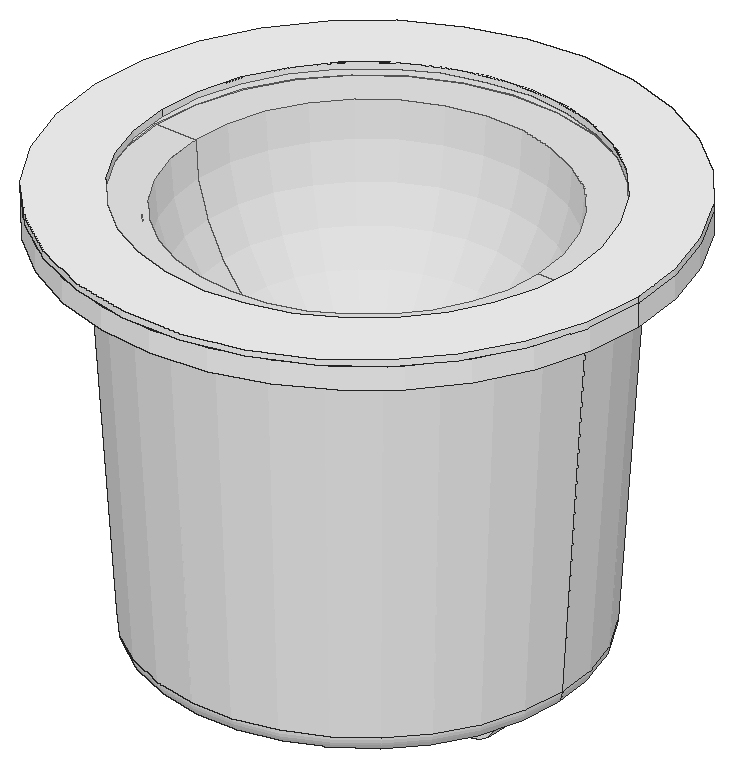
Revit family "2059247", category Lighting Fixtures, host Face, Revit 2018
Family settings
  Host = Face
  Round Connector Dimension = Use Diameter
  Part Type = Normal
  OmniClass Number = 23.80.70.11.17
  OmniClass Title = Specialized Lighting by Location or Use
  Cut with Voids When Loaded = No
  Light Source = Yes
  Shared = No
  Room Calculation Point = No
Parameters (values of type "2059247 MYRIAD DECO IP65 SP 4K PHD EM SI WBEZ")
  Weight = "n/a"
  Wattage = 15 W
  WarrantyStartDate [instance] = "n/a"
  WarrantyGuarantorParts = "n/a"
  WarrantyDurationUnit = "n/a"
  WarrantyDurationParts = ""
  WarrantyDescription = "http://www.sylvania-lighting.com"
  built-in parameter 1150110 = 1 (stored number, unit not read)
  Voltage = 230 V
  URL = "0"
  TypeName = "MYRIAD DECO IP65 SPOT 4000K PHDM EM SILVER WBEZ"
  Type Image = 0
  Type Comments = ""
  built-in parameter 1114217 = 1 (stored number, unit not read)
  Tilt Angle = -90°
  built-in parameter 1150109 = 1 (stored number, unit not read)
  built-in parameter 1150134 = (empty or 0)
  built-in parameter 1150113 = 1 (stored number, unit not read)
  SerialNumber [instance] = "n/a"
  Reflector Radius = Cutout Diameter / 2 - 2.5 mm  # 35.0 mm
  Reflector Material = Aluminum_Sylvania_Myriad_Bright
  Recessed Depth = Height  # 72.0 mm
  PowerFactor = 0
  PowerConsumption = "Lighting"
  Photometric Web File = "2059247.ies"
  NominalWidth = 0.0 mm
  NominalLength = 76.0 mm
  NominalHeight = 72.0 mm
  Name = "MYRIAD DECO IP65 SPOT 4000K PHDM EM SILVER WBEZ"
  ModelReference = "MYRIAD DECO IP65 SPOT 4000K PHDM EM SILVER WBEZ"
  ModelNumber = "2059247"
  Material = "Feilo Sylvania"
  ManufacturerName = "94 lm/W"
  LuminousEfficacy = ""
  LuminaireType = "0"
  LightOutputRatio = "LED"
  LampsType = Lamp  # "n/a"
  LampNominalLuminous = "4000 K"
  LampMacAdamStep = "90"
  LampColourTemperature = "LED"
  LampColourRenderingIndex = "16500"
  Keynote = "n/a"
  Keynote_2 = "16500"
  InstallationDate [instance] = "n/a"
  InputVoltage = "0"
  InputNominalFrequency = "4000"
  IngressProtection = "IfcLightFixtureType"
  ImpactProtectionIndex = "IfcLightFixtureType"
  IfcExportType = "IfcLightFixtureType"
  IfcExportAs = "Class II"
  Height = 72.0 mm  # constant formula
  ExpectedLife = 50000
  Emit from Circle Diameter = Accessory Inner Diameter 2  # 68.0 mm
  Emit Shape Visible in Rendering = no
  ElectricShockClassification = "94"
  DurationUnit = "hours"
  DocumentationLiterature = "http://www.sylvania-lighting.com/product/en-int/products/2059247"
  DimmingControlOptions = "n/a"
  Diffuser Material = Glass_Sylvania_Myriad_Clear_4000K
  Diffuser Diameter = Cutout Diameter  # 75.0 mm
  Cutout Diameter = 75.0 mm  # constant formula
  CreatedOn = "03/02/2022"
  CreatedBy = "@sylvania-lighting.com"
  Cost = 0
  built-in parameter 1114216 [instance] = 1 (stored number, unit not read)
  Model = "MYRIAD DECO IP65 SPOT 4000K PHDM EM SILVER WBEZ"
  Manufacturer = "Feilo Sylvania"  # constant formula
  built-in parameter 1150105 = 83.556 (stored number, unit not read)
  Lumens = 1050 lm
  built-in parameter 1150115 = 1 (stored number, unit not read)
  built-in parameter 1150137 = (empty or 0)
  built-in parameter 1150139 = (empty or 0)
  built-in parameter 1150112 = 1 (stored number, unit not read)
  built-in parameter 1150114 = 1 (stored number, unit not read)
  Lamp = "n/a"
  built-in parameter 1150132 = (empty or 0)
  built-in parameter 1150102 = (empty or 0)
  built-in parameter 1150107 = 2700 (stored number, unit not read)
  built-in parameter 1150138 = (empty or 0)
  built-in parameter 1150106 = 0.83556 (stored number, unit not read)
  built-in parameter 1150104 = 6.5032 (stored number, unit not read)
  Dimming Lamp Color Temperature Shift = <None>
  Description = "Supplied complete with electronic control gear Compact Fluorescent low energy downlight Emergency version passes through the cut out Ideal for low level orientation lighting New range of Architectural accessories each providing a different lit dimension New completely flush plaster up accessory ring for clean ceiling lines and smooth finish Order lamp separately"  # constant formula
  Default Elevation = 0.0 mm
  Color Filter = 16777215
  built-in parameter 1140040 [instance] = 1
  Body Radius = Reflector Radius + 1.5 mm  # 36.5 mm
  Body Material = Aluminum_Sylvania_Myriad_Gray
  BarCode [instance] = "n/a"
  built-in parameter 1114218 = 1 (stored number, unit not read)
  built-in parameter 1150133 = 10 (stored number, unit not read)
  AssetType = "Fixed"
  AssetIdentifier [instance] = "n/a"
  Assembly Code = "D5020200"
  Apparent Load = 12 VA
  Accessory Material = Aluminum_Sylvania_Myriad_White
  Accessory Inner Diameter 2 = Accessory Diameter - 22.0 mm  # 68.0 mm
  Accessory Inner Diameter 1 = Accessory Diameter - 2.0 mm  # 88.0 mm
  Accessory Diameter = Cutout Diameter + 15.0 mm  # 90.0 mm
Reference planes
  plane 1 "Center (Front/Back)": y = 0
  plane 2: z = 0
  plane 3 "Center (Left/Right)": x = 0
  plane 4: z = 2
  plane 5 "Fixture Bottom": z = 4.5
  plane 6: z = -28.5
  plane 7: z = -61.5
  plane 8 "Fixture Top": z = -67.5
  plane 9: z = 3.5
Forms (mm)
  Revolve 1, solid, material "Aluminum_Sylvania_Myriad_Bright" <- "Reflector Material", detail levels fine
    sketch origin (0, 0, 0) x (1, 0, 0) y (0, 0, 1)
      loop
        line (0, -27.515) -> (-6, -27.515)
        arc (-6, -27.515) -> (-22.333, -16.632) -> (-28.5, 2) r 30.135
        line (-28.5, 2) -> (-35, 2) -> (-35, 0) -> (-29.184, 0)
        arc (-29.184, 0) -> (-22.423, -18.18) -> (-6, -28.5) r 30.204
        line (-6, -28.5) -> (0, -28.5) -> (0, -27.515)
      axis (0, -28.5) -> (0, 2)
    angle from 0 to 360
  Revolve 2, solid, material "Aluminum_Sylvania_Myriad_Gray" <- "Body Material", detail levels fine
    sketch origin (0, 0, 0) x (1, 0, 0) y (0, 0, 1)
      loop
        line (-44, 2) -> (-44, 0) -> (-36.5, 0) -> (-32.42, -58.708)
        arc (-32.42, -58.708) -> (-31.474, -60.694) -> (-29.428, -61.5) r 3
        line (-29.428, -61.5) -> (0, -61.5) -> (0, -28.5) -> (-6, -28.5)
        arc (-6, -28.5) -> (-22.423, -18.18) -> (-29.184, 0) r 30.204
        line (-29.184, 0) -> (-35, 0) -> (-35, 2) -> (-44, 2)
      axis (0, 2) -> (0, -61.5)
    angle from 0 to 360
  Extrusion 3, solid, material "Aluminum_Sylvania_Myriad_Gray" <- "Body Material", detail levels fine
    sketch origin (0, 0, 0) x (1, 0, 0) y (0, 0, 1)
      loop
        line (-13.5, -67.5) -> (21, -67.5)
        arc (21, -67.5) -> (23.828, -66.328) -> (25, -63.5) r 4
        line (25, -63.5) -> (25, -61.5) -> (-17.5, -61.5) -> (-17.5, -63.5)
        arc (-17.5, -63.5) -> (-16.328, -66.328) -> (-13.5, -67.5) r 4
    from -4.5 to 4.5
  Extrusion 4, solid, material "Aluminum_Sylvania_Myriad_White" <- "Accessory Material", detail levels fine
    sketch origin (0, 0, 0) x (1, 0, 0) y (0, 1, 0)
      loop
        circle (0, 0) r 45
      loop
        circle (0, 0) r 44
    from 0 to 3.5
  Extrusion 5, solid, material "Aluminum_Sylvania_Myriad_White" <- "Accessory Material", detail levels fine
    sketch origin (0, 0, 0) x (1, 0, 0) y (0, 1, 0)
      loop
        circle (0, 0) r 45
      loop
        circle (0, 0) r 34
    from 3.5 to 4.5
  Extrusion 6, solid, material "Aluminum_Sylvania_Myriad_White" <- "Accessory Material", detail levels coarse+medium
    sketch origin (0, 0, 0) x (1, 0, 0) y (0, 1, 0)
      loop
        circle (0, 0) r 45
    from 0 to 4.5
  Revolve 7, solid, detail levels coarse+medium
    sketch origin (0, 0, 0) x (1, 0, 0) y (0, 0, 1)
      loop
        line (36.5, 0) -> (0, 0) -> (0, -61.5) -> (32.226, -61.5) -> (36.5, 0)
      axis (0, 0) -> (0, -61.5)
    angle from 0 to 360
  Extrusion 8, void
    sketch origin (0, 0, 0) x (1, 0, 0) y (0, 1, 0)
      loop
        circle (0, 0) r 37.5
    from -67.5 to 0
  Extrusion 9, solid, material "Glass_Sylvania_Myriad_Clear_4000K" <- "Diffuser Material", detail levels fine
    sketch origin (0, 0, 0) x (1, 0, 0) y (0, 1, 0)
      loop
        circle (0, 0) r 37.5
    from 2 to 3.5
Cuts and joins
  joined: Extrusion 4, Extrusion 5
Lines and regions (mm)
  Masking region 1
    outline origin (0, 0, 0) x (1, 0, 0) y (0, 1, 0)
      loop
        circle (0, 0) r 45
  symbolic lines
    curve 1: arc (-34, 0, 0) -> (0, 34, 0) -> (34, 0, 0) r 34
    curve 2: arc (34, 0, 0) -> (0, -34, 0) -> (-34, 0, 0) r 34
Dimensions and locks
  locked: plane 7 to plane 8 "Fixture Top" at 6
  "Body Radius": Revolve 7 sketch curve to plane 3 "Center (Left/Right)"
  locked: Revolve 7 sketch curve to Revolve 7 sketch curve at 4.274
  plane 5 "Fixture Bottom" to plane 9 to plane 4 to plane 2 to plane 6 = 1.0 mm locked, 1.5 mm locked, 2.0 mm locked, 28.5 mm locked
  "Reflector Radius": Revolve 1 sketch curve to plane 3 "Center (Left/Right)"
  Revolve 1 sketch curve to Revolve 1 sketch curve to Revolve 1 sketch curve to Revolve 1 sketch curve = 6.5 mm locked, 22.5 mm locked, 0.0 mm locked
  "Reflector Radius": plane 3 "Center (Left/Right)" to Revolve 2 sketch curve
  Revolve 2 sketch curve to Revolve 2 sketch curve to Revolve 2 sketch curve = 7.5 mm locked, 1.5 mm locked
  Revolve 2 sketch curve to Revolve 2 sketch curve to Revolve 2 sketch curve = 5.816 mm locked, 23.184 mm locked
  Revolve 2 sketch curve to Revolve 2 sketch curve to Revolve 2 sketch curve = 2.58 mm locked, 2.993 mm locked
  "Accessory Diameter": diameter of Extrusion 4 sketch curve
  "Accessory Inner Diameter 1": diameter of Extrusion 4 sketch curve
  "Accessory Diameter": diameter of Extrusion 5 sketch curve
  "Accessory Diameter": diameter of Extrusion 6 sketch curve
  "Cutout Diameter": diameter of Extrusion 8 sketch curve
  "Accessory Inner Diameter 2": diameter of Extrusion 5 sketch curve
  "Diffuser Diameter": diameter of Extrusion 9 sketch curve
  aligned and locked: plane 2 to host face
  aligned and locked: level to host face
  aligned and locked: plane 1 "Center (Front/Back)" to imposter light
  aligned and locked: plane 3 "Center (Left/Right)" to imposter light
  aligned and locked: Revolve 1 sketch curve to imposter light
  aligned and locked: Extrusion 3 sketch curve to plane 8 "Fixture Top"
  aligned and locked: plane 7 to Extrusion 3 sketch curve
  aligned and locked: Extrusion 4 to plane 2
  aligned and locked: plane 9 to Extrusion 4
  aligned and locked: Extrusion 5 to plane 9
  aligned and locked: plane 5 "Fixture Bottom" to Extrusion 5
  aligned and locked: Extrusion 6 to plane 2
  aligned and locked: plane 5 "Fixture Bottom" to Extrusion 6
  aligned and locked: Extrusion 8 to plane 8 "Fixture Top"
  aligned and locked: plane 2 to Extrusion 8
  aligned and locked: Masking region 1 sketch curve to Extrusion 6  (x2)
  aligned and locked: Extrusion 9 to plane 4
  aligned and locked: plane 9 to Extrusion 9
  aligned and locked: plane 4 to Revolve 2 sketch curve
  aligned and locked: Revolve 2 sketch curve to plane 2
  aligned and locked: curve 1 to cut or joined group of Extrusion 4, Extrusion 5
  aligned and locked: curve 2 to cut or joined group of Extrusion 4, Extrusion 5
  aligned and locked: imposter light to plane 5 "Fixture Bottom"
Automatic sketch dimensions
  host sketch curve to host sketch curve = 1305.563 mm
  host sketch curve to host sketch curve = 1283.632 mm
  Extrusion 3 sketch curve to plane 7 = 2.0 mm
  Extrusion 3 sketch curve to plane 3 "Center (Left/Right)" = 13.5 mm
  plane 3 "Center (Left/Right)" to Extrusion 3 sketch curve = 21.0 mm
  Extrusion 3 sketch curve to Extrusion 3 sketch curve = 4.0 mm
  Revolve 1 sketch curve to level = 0.0 mm
  Revolve 1 sketch curve to plane 3 "Center (Left/Right)" = 0.0 mm
  Revolve 1 sketch curve to plane 6 = 0.0 mm
  Revolve 1 sketch curve to plane 4 = 0.0 mm
  Revolve 1 sketch curve to Revolve 1 sketch curve = 0.684 mm
  level to Revolve 1 sketch curve = 0.88 mm
  Revolve 1 sketch curve to plane 4 = 0.363 mm
  Revolve 1 sketch curve to Revolve 1 sketch curve = 0.625 mm
  Revolve 1 sketch curve to plane 8 "Fixture Top" = 232.8 mm
  plane 5 "Fixture Bottom" to Revolve 1 sketch curve = 291.243 mm
  Revolve 2 sketch curve to plane 3 "Center (Left/Right)" = 0.0 mm  (x2)
  Revolve 2 sketch curve to plane 7 = 0.0 mm
  Revolve 2 sketch curve to plane 6 = 0.0 mm
  Revolve 2 sketch curve to level = 0.0 mm
  level to Revolve 2 sketch curve = 0.88 mm
  plane 7 to Revolve 2 sketch curve = 2.792 mm
  Revolve 2 sketch curve to plane 8 "Fixture Top" = 304.774 mm
  plane 5 "Fixture Bottom" to Revolve 2 sketch curve = 1137.105 mm
  Extrusion 4 sketch curve to Extrusion 4 sketch curve = 0.0 mm  (x2)
  plane 1 "Center (Front/Back)" to Extrusion 4 sketch curve = 0.0 mm
  Extrusion 4 sketch curve to plane 3 "Center (Left/Right)" = 0.0 mm
  Extrusion 5 sketch curve to Extrusion 5 sketch curve = 0.0 mm  (x2)
  plane 1 "Center (Front/Back)" to Extrusion 5 sketch curve = 0.0 mm
  Extrusion 5 sketch curve to plane 3 "Center (Left/Right)" = 0.0 mm
  plane 1 "Center (Front/Back)" to Extrusion 6 sketch curve = 0.0 mm
  Extrusion 6 sketch curve to plane 3 "Center (Left/Right)" = 0.0 mm
  Revolve 7 sketch curve to level = 0.0 mm
  Revolve 7 sketch curve to plane 3 "Center (Left/Right)" = 0.0 mm  (x2)
  Revolve 7 sketch curve to plane 7 = 0.0 mm
  Revolve 7 sketch curve to plane 8 "Fixture Top" = 304.774 mm
  plane 5 "Fixture Bottom" to Revolve 7 sketch curve = 43.226 mm
  plane 1 "Center (Front/Back)" to Extrusion 8 sketch curve = 0.0 mm
  Extrusion 8 sketch curve to plane 3 "Center (Left/Right)" = 0.0 mm
  plane 1 "Center (Front/Back)" to Extrusion 9 sketch curve = 0.0 mm
  Extrusion 9 sketch curve to plane 3 "Center (Left/Right)" = 0.0 mm
Connectors
  electrical at (-0.006, -0.019, -67.5), driven by "Apparent Load", driven by "Apparent Load"
    settings: on plane 8 "Fixture Top", index 1, voltage 230 V, apparent load 12 VA, apparent load phase1 12 VA, apparent load phase2 0 VA, apparent load phase3 0 VA, power factor 1, load classification "Lighting", number of poles 1, system type 30, power factor state 1, is connector primary yes, connector utility no, sub classification motor no, connector description ""
